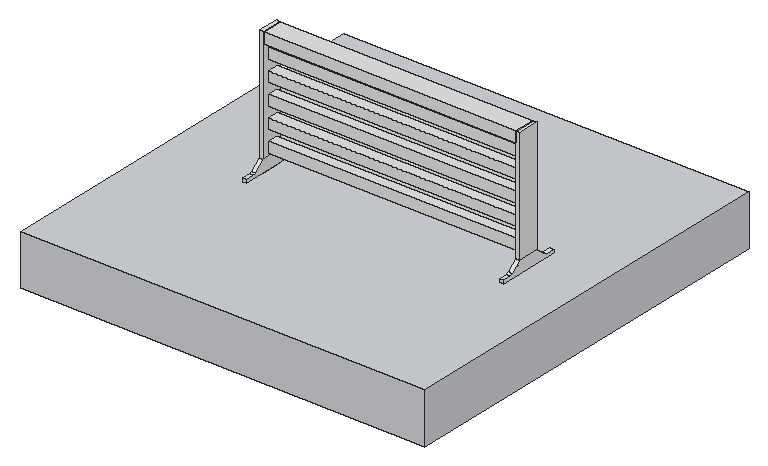
Revit family "Sunshade-Linear-Kawneer-Curtain_Wall-Square", category Specialty Equipment, host Face, Revit 2015
Parameters (values of type "30"-Circular")
  Width [instance] = 5' - 0"
  URL = "http://www.kawneer.com/kawneer/north_america/en/home.asp"
  Type Comments = ""
  Show Right Outrigger [instance] = yes
  Show Left Outrigger [instance] = yes
  Product data url = "https://bimobject.com/kawneerna/product/04305"
  Product Page URL = "http://www.kawneer.com/kawneer/north_america/en/product.asp?cat_id=1463&prod_id=4305"
  Product Documentation Link = "http://www.kawneer.com/kawneer/north_america/catalog/pdf/Sun_Control/Versoleil_OutriggerCW_Flyer.pdf"
  Model = "Sunshade Linear"  # constant formula
  Manufacturer = "Kawneer "  # constant formula
  Length = 2' - 6"
  Has Same Mullion Distance [instance] = yes
  Finish = Aluminum - Kawneer - Clear
  Description = "Rounded Outrigger, Bullnose Fascias"
  Default Elevation = 4' - 0"
  Copyright © = "©2012 Kawneer  "  # constant formula
  Mullion Distance [instance] = 4' - 0"
  CTRl Outrigger Count [instance] = if(Outrigger 21 Distance > 0' 0", 23, if(Outrigger 20 Distance > 0' 0", 22, if(Outrigger 19 Distance > 0' 0", 21, if(Outrigger 18 Distance > 0' 0", 20, if(Outrigger 17 Distance > 0' 0", 19, if(Outrigger 16 Distance > 0' 0", 18, if(Outrigger 15 Distance > 0' 0", 17, if(Outrigger 14 Distance > 0' 0", 16, if(Outrigger 13 Distance > 0' 0", 15, if(Outrigger 12 Distance > 0' 0", 14, if(Outrigger 11 Distance > 0' 0", 13, if(Outrigger 10 Distance > 0' 0", 12, if(Outrigger 09 Distance > 0' 0", 11, if(Outrigger 08 Distance > 0' 0", 10, if(Outrigger 07 Distance > 0' 0", 9, if(Outrigger 06 Distance > 0' 0", 8, if(Outrigger 05 Distance > 0' 0", 7, if(Outrigger 04 Distance > 0' 0", 6, if(Outrigger 03 Distance > 0' 0", 5, if(Outrigger 02 Distance > 0' 0", 4, if(Outrigger 01 Distance > 0' 0", 3, (Width / Mullion Distance) + 1)))))))))))))))))))))  # 3
  CTRL Outrigger 21 Distance [instance] = if(Outrigger Count < 23, 0' 0", if(Has Same Mullion Distance, Mullion Distance, if(Outrigger 21 Distance > 5' 0", 5' 0", Outrigger 21 Distance)))  # 0' - 0"
  CTRL Outrigger 20 Distance [instance] = if(Outrigger Count < 22, 0' 0", if(Has Same Mullion Distance, Mullion Distance, if(Outrigger 20 Distance > 5' 0", 5' 0", Outrigger 20 Distance)))  # 0' - 0"
  CTRL Outrigger 19 Distance [instance] = if(Outrigger Count < 21, 0' 0", if(Has Same Mullion Distance, Mullion Distance, if(Outrigger 19 Distance > 5' 0", 5' 0", Outrigger 19 Distance)))  # 0' - 0"
  CTRL Outrigger 18 Distance [instance] = if(Outrigger Count < 20, 0' 0", if(Has Same Mullion Distance, Mullion Distance, if(Outrigger 18 Distance > 5' 0", 5' 0", Outrigger 18 Distance)))  # 0' - 0"
  CTRL Outrigger 17 Distance [instance] = if(Outrigger Count < 19, 0' 0", if(Has Same Mullion Distance, Mullion Distance, if(Outrigger 17 Distance > 5' 0", 5' 0", Outrigger 17 Distance)))  # 0' - 0"
  CTRL Outrigger 16 Distance [instance] = if(Outrigger Count < 18, 0' 0", if(Has Same Mullion Distance, Mullion Distance, if(Outrigger 16 Distance > 5' 0", 5' 0", Outrigger 16 Distance)))  # 0' - 0"
  CTRL Outrigger 15 Distance [instance] = if(Outrigger Count < 17, 0' 0", if(Has Same Mullion Distance, Mullion Distance, if(Outrigger 15 Distance > 5' 0", 5' 0", Outrigger 15 Distance)))  # 0' - 0"
  CTRL Outrigger 14 Distance [instance] = if(Outrigger Count < 16, 0' 0", if(Has Same Mullion Distance, Mullion Distance, if(Outrigger 14 Distance > 5' 0", 5' 0", Outrigger 14 Distance)))  # 0' - 0"
  CTRL Outrigger 13 Distance [instance] = if(Outrigger Count < 15, 0' 0", if(Has Same Mullion Distance, Mullion Distance, if(Outrigger 13 Distance > 5' 0", 5' 0", Outrigger 13 Distance)))  # 0' - 0"
  CTRL Outrigger 12 Distance [instance] = if(Outrigger Count < 14, 0' 0", if(Has Same Mullion Distance, Mullion Distance, if(Outrigger 12 Distance > 5' 0", 5' 0", Outrigger 12 Distance)))  # 0' - 0"
  CTRL Outrigger 11 Distance [instance] = if(Outrigger Count < 13, 0' 0", if(Has Same Mullion Distance, Mullion Distance, if(Outrigger 11 Distance > 5' 0", 5' 0", Outrigger 11 Distance)))  # 0' - 0"
  CTRL Outrigger 10 Distance [instance] = if(Outrigger Count < 12, 0' 0", if(Has Same Mullion Distance, Mullion Distance, if(Outrigger 10 Distance > 5' 0", 5' 0", Outrigger 10 Distance)))  # 0' - 0"
  CTRL Outrigger 09 Distance [instance] = if(Outrigger Count < 11, 0' 0", if(Has Same Mullion Distance, Mullion Distance, if(Outrigger 09 Distance > 5' 0", 5' 0", Outrigger 09 Distance)))  # 0' - 0"
  CTRL Outrigger 08 Distance [instance] = if(Outrigger Count < 10, 0' 0", if(Has Same Mullion Distance, Mullion Distance, if(Outrigger 08 Distance > 5' 0", 5' 0", Outrigger 08 Distance)))  # 0' - 0"
  CTRL Outrigger 07 Distance [instance] = if(Outrigger Count < 9, 0' 0", if(Has Same Mullion Distance, Mullion Distance, if(Outrigger 07 Distance > 5' 0", 5' 0", Outrigger 07 Distance)))  # 0' - 0"
  CTRL Outrigger 06 Distance [instance] = if(Outrigger Count < 8, 0' 0", if(Has Same Mullion Distance, Mullion Distance, if(Outrigger 06 Distance > 5' 0", 5' 0", Outrigger 06 Distance)))  # 0' - 0"
  CTRL Outrigger 05 Distance [instance] = if(Outrigger Count < 7, 0' 0", if(Has Same Mullion Distance, Mullion Distance, if(Outrigger 05 Distance > 5' 0", 5' 0", Outrigger 05 Distance)))  # 0' - 0"
  CTRL Outrigger 04 Distance [instance] = if(Outrigger Count < 6, 0' 0", if(Has Same Mullion Distance, Mullion Distance, if(Outrigger 04 Distance > 5' 0", 5' 0", Outrigger 04 Distance)))  # 0' - 0"
  CTRL Outrigger 03 Distance [instance] = if(Outrigger Count < 5, 0' 0", if(Has Same Mullion Distance, Mullion Distance, if(Outrigger 03 Distance > 5' 0", 5' 0", Outrigger 03 Distance)))  # 0' - 0"
  CTRL Outrigger 02 Distance [instance] = if(Outrigger Count < 4, 0' 0", if(Has Same Mullion Distance, Mullion Distance, if(Outrigger 02 Distance > 5' 0", 5' 0", Outrigger 02 Distance)))  # 0' - 0"
  CTRL Outrigger 01 Distance [instance] = if(Outrigger Count < 3, 0' 0", if(Has Same Mullion Distance, Mullion Distance, if(Outrigger 01 Distance > 5' 0", 5' 0", Outrigger 01 Distance)))  # 0' - 0"
  Blades Distance = 0' - 5"
  CTRL Middle Blade Visibility [instance] = if(Outrigger Count = 2, 1 = 0, 1 = 1)  # no
  Outrigger Count [instance] = if(Has Same Mullion Distance, (Width / Mullion Distance) + 1, CTRl Outrigger Count)  # 2
  Outrigger 21 Distance [instance] = 0' - 0"
  Outrigger 20 Distance [instance] = 0' - 0"
  Outrigger 19 Distance [instance] = 0' - 0"
  Outrigger 18 Distance [instance] = 0' - 0"
  Outrigger 17 Distance [instance] = 0' - 0"
  Outrigger 16 Distance [instance] = 0' - 0"
  Outrigger 15 Distance [instance] = 0' - 0"
  Outrigger 14 Distance [instance] = 0' - 0"
  Outrigger 13 Distance [instance] = 0' - 0"
  Outrigger 12 Distance [instance] = 0' - 0"
  Outrigger 11 Distance [instance] = 0' - 0"
  Outrigger 10 Distance [instance] = 0' - 0"
  Outrigger 09 Distance [instance] = 0' - 0"
  Outrigger 08 Distance [instance] = 0' - 0"
  Outrigger 07 Distance [instance] = 0' - 0"
  Outrigger 06 Distance [instance] = 0' - 0"
  Outrigger 05 Distance [instance] = 0' - 0"
  Outrigger 04 Distance [instance] = 0' - 0"
  Outrigger 03 Distance [instance] = 0' - 0"
  Outrigger 02 Distance [instance] = 0' - 0"
  Outrigger 01 Distance [instance] = 1' - 6"
  Blade Width [instance] = if(1 = 1, Width, 1' 0")  # 5' - 0"
  Blade Type = Blade-Kawneer-Square : Versoleil
  Blade Count = 5
Reference planes (in)
  plane 1 "Center (Front/Back)": y = 0
  plane 2: z = -0.78125
  plane 3 "Center (Left/Right)": x = 3.30772
  plane 4 "Bracket Bottom": z = -0.78125
  plane 5 "Arm_Center-(T/B)": z = 1.29456
  plane 6 "Left": x = -26.69228
  plane 7 "Right": x = 33.30772
  plane 8 "Bracket_Center-(L/R)-Left": x = -27.16103
  plane 9 "Bracket_Center-(L/R)-Right": x = 33.77647
  plane 10 "Bracket Set 1": x = -27.16103
  plane 11 "Bracket Set 20": x = -27.16103
  plane 12 "Bracket Set 2": x = -27.16103
  plane 13 "Bracket Set 3": x = -27.16103
  plane 14 "Bracket Set 4": x = -27.16103
  plane 15 "Bracket Set 5": x = -27.16103
  plane 16 "Bracket Set 6": x = -27.16103
  plane 17 "Bracket Set 7": x = -27.16103
  plane 18 "Bracket Set 8": x = -27.16103
  plane 19 "Bracket Set 9": x = -27.16103
  plane 20 "Bracket Set 10": x = -27.16103
  plane 21 "Bracket Set 11": x = -27.16103
  plane 22 "Bracket Set 12": x = -27.16103
  plane 23 "Bracket Set 13": x = -27.16103
  plane 24 "Bracket Set 14": x = -27.16103
  plane 25 "Bracket Set 15": x = -27.16103
  plane 26 "Bracket Set 16": x = -27.16103
  plane 27 "Bracket Set 17": x = -27.16103
  plane 28 "Bracket Set 18": x = -27.16103
  plane 29 "Bracket Set 19": x = -27.16103
  plane 30 "Bracket Set 21": x = -27.16103
  plane 31 "Left of Right Outrigger": x = 33.30772
  plane 32 "Right of Right Outrigger": x = 34.24522
  plane 33 "Left of Left Outrigger": x = -27.62978
  plane 34 "Right of Left Outrigger": x = -26.69228
  plane 35 "Blade 1": z = 4.21875
  plane 36 "Blade 2": z = 9.21875
  plane 37 "Top": z = 29.21875
  plane 38 "Back of Fascia": z = 26.72172
Forms (in)
  Extrusion 1, solid
    sketch origin (0, 0, -0.78125) x (1, 0, 0) y (0, 1, 0)
      loop
        line (-48, 48) -> (-48, -48) -> (48, -48) -> (48, 48) -> (-48, 48)
    from 0 to -12
Dimensions and locks (in)
  locked: plane 5 "Arm_Center-(T/B)" to plane 4 "Bracket Bottom" at 2.07581
  locked: plane 4 "Bracket Bottom" to plane 2 at 0
  "CTRL Outrigger 01 Distance": plane 8 "Bracket_Center-(L/R)-Left" to plane 10 "Bracket Set 1"
  "CTRL Outrigger 02 Distance": plane 10 "Bracket Set 1" to plane 12 "Bracket Set 2"
  "CTRL Outrigger 03 Distance": plane 12 "Bracket Set 2" to plane 13 "Bracket Set 3"
  "CTRL Outrigger 04 Distance": plane 13 "Bracket Set 3" to plane 14 "Bracket Set 4"
  "CTRL Outrigger 05 Distance": plane 14 "Bracket Set 4" to plane 15 "Bracket Set 5"
  "CTRL Outrigger 06 Distance": plane 15 "Bracket Set 5" to plane 16 "Bracket Set 6"
  "CTRL Outrigger 07 Distance": plane 16 "Bracket Set 6" to plane 17 "Bracket Set 7"
  "CTRL Outrigger 08 Distance": plane 17 "Bracket Set 7" to plane 18 "Bracket Set 8"
  "CTRL Outrigger 09 Distance": plane 18 "Bracket Set 8" to plane 19 "Bracket Set 9"
  "CTRL Outrigger 10 Distance": plane 19 "Bracket Set 9" to plane 20 "Bracket Set 10"
  "CTRL Outrigger 11 Distance": plane 20 "Bracket Set 10" to plane 21 "Bracket Set 11"
  "CTRL Outrigger 12 Distance": plane 21 "Bracket Set 11" to plane 22 "Bracket Set 12"
  "CTRL Outrigger 13 Distance": plane 22 "Bracket Set 12" to plane 23 "Bracket Set 13"
  "CTRL Outrigger 14 Distance": plane 23 "Bracket Set 13" to plane 24 "Bracket Set 14"
  "CTRL Outrigger 15 Distance": plane 24 "Bracket Set 14" to plane 25 "Bracket Set 15"
  "CTRL Outrigger 16 Distance": plane 25 "Bracket Set 15" to plane 26 "Bracket Set 16"
  "CTRL Outrigger 17 Distance": plane 26 "Bracket Set 16" to plane 27 "Bracket Set 17"
  "CTRL Outrigger 18 Distance": plane 27 "Bracket Set 17" to plane 28 "Bracket Set 18"
  "CTRL Outrigger 19 Distance": plane 28 "Bracket Set 18" to plane 29 "Bracket Set 19"
  "CTRL Outrigger 20 Distance": plane 29 "Bracket Set 19" to plane 11 "Bracket Set 20"
  "CTRL Outrigger 21 Distance": plane 11 "Bracket Set 20" to plane 30 "Bracket Set 21"
  locked: plane 32 "Right of Right Outrigger" to plane 31 "Left of Right Outrigger" at 0.9375
  locked: plane 33 "Left of Left Outrigger" to plane 34 "Right of Left Outrigger" at 0.9375
  equal spacing: plane 6 "Left", plane 3 "Center (Left/Right)", plane 7 "Right"
  "Width": plane 6 "Left" to plane 7 "Right"
  locked: plane 7 "Right" to plane 9 "Bracket_Center-(L/R)-Right" at 0.46875
  locked: plane 8 "Bracket_Center-(L/R)-Left" to plane 6 "Left" at 0.46875
  "Blades Distance": plane 35 "Blade 1" to plane 4 "Bracket Bottom"
  "Blades Distance": plane 36 "Blade 2" to plane 35 "Blade 1"
  equal spacing: group 1, group 2, group 3, group 4, group 5  (x3)
  "Length": plane 37 "Top" to plane 4 "Bracket Bottom"
  locked: plane 37 "Top" to plane 38 "Back of Fascia" at 2.49703
  aligned and locked: plane 2 to Extrusion 1
  aligned and locked: level to Extrusion 1
  aligned and locked: plane 4 "Bracket Bottom" to nested 1
  aligned and locked: plane 1 "Center (Front/Back)" to nested 1
  aligned and locked: nested 1 to plane 8 "Bracket_Center-(L/R)-Left"
  aligned and locked: plane 9 "Bracket_Center-(L/R)-Right" to nested 2
  aligned and locked: plane 1 "Center (Front/Back)" to nested 2
  aligned and locked: plane 4 "Bracket Bottom" to nested 2
  aligned and locked: nested 3 to plane 10 "Bracket Set 1"
  aligned and locked: nested 4 to plane 12 "Bracket Set 2"
  aligned and locked: nested 5 to plane 13 "Bracket Set 3"
  aligned and locked: nested 6 to plane 14 "Bracket Set 4"
  aligned and locked: nested 7 to plane 15 "Bracket Set 5"
  aligned and locked: nested 8 to plane 16 "Bracket Set 6"
  aligned and locked: nested 9 to plane 17 "Bracket Set 7"
  aligned and locked: nested 10 to plane 18 "Bracket Set 8"
  aligned and locked: nested 11 to plane 19 "Bracket Set 9"
  aligned and locked: nested 12 to plane 20 "Bracket Set 10"
  aligned and locked: nested 13 to plane 21 "Bracket Set 11"
  aligned and locked: nested 14 to plane 22 "Bracket Set 12"
  aligned and locked: nested 15 to plane 23 "Bracket Set 13"
  aligned and locked: nested 16 to plane 24 "Bracket Set 14"
  aligned and locked: nested 17 to plane 25 "Bracket Set 15"
  aligned and locked: nested 18 to plane 26 "Bracket Set 16"
  aligned and locked: nested 19 to plane 27 "Bracket Set 17"
  aligned and locked: nested 20 to plane 28 "Bracket Set 18"
  aligned and locked: nested 21 to plane 29 "Bracket Set 19"
  aligned and locked: nested 22 to plane 11 "Bracket Set 20"
  aligned and locked: plane 4 "Bracket Bottom" to nested 3
  aligned and locked: plane 4 "Bracket Bottom" to nested 4
  aligned and locked: plane 4 "Bracket Bottom" to nested 5
  aligned and locked: plane 4 "Bracket Bottom" to nested 6
  aligned and locked: plane 4 "Bracket Bottom" to nested 7
  aligned and locked: plane 4 "Bracket Bottom" to nested 8
  aligned and locked: plane 4 "Bracket Bottom" to nested 9
  aligned and locked: plane 4 "Bracket Bottom" to nested 10
  aligned and locked: plane 4 "Bracket Bottom" to nested 11
  aligned and locked: plane 4 "Bracket Bottom" to nested 12
  aligned and locked: plane 4 "Bracket Bottom" to nested 13
  aligned and locked: plane 4 "Bracket Bottom" to nested 14
  aligned and locked: plane 4 "Bracket Bottom" to nested 15
  aligned and locked: plane 4 "Bracket Bottom" to nested 16
  aligned and locked: plane 4 "Bracket Bottom" to nested 17
  aligned and locked: plane 4 "Bracket Bottom" to nested 18
  aligned and locked: plane 4 "Bracket Bottom" to nested 19
  aligned and locked: plane 4 "Bracket Bottom" to nested 20
  aligned and locked: plane 4 "Bracket Bottom" to nested 21
  aligned and locked: plane 4 "Bracket Bottom" to nested 22
  aligned and locked: nested 23 to plane 30 "Bracket Set 21"
  aligned and locked: plane 1 "Center (Front/Back)" to nested 23
  aligned and locked: plane 1 "Center (Front/Back)" to nested 22
  aligned and locked: plane 1 "Center (Front/Back)" to nested 21
  aligned and locked: plane 1 "Center (Front/Back)" to nested 20
  aligned and locked: plane 1 "Center (Front/Back)" to nested 19
  aligned and locked: plane 1 "Center (Front/Back)" to nested 18
  aligned and locked: plane 1 "Center (Front/Back)" to nested 17
  aligned and locked: plane 1 "Center (Front/Back)" to nested 16
  aligned and locked: plane 1 "Center (Front/Back)" to nested 15
  aligned and locked: plane 1 "Center (Front/Back)" to nested 14
  aligned and locked: plane 7 "Right" to plane 31 "Left of Right Outrigger"
  aligned and locked: plane 34 "Right of Left Outrigger" to nested 1
  aligned and locked: plane 6 "Left" to plane 34 "Right of Left Outrigger"
  aligned and locked: plane 35 "Blade 1" to nested 24
  aligned and locked: plane 1 "Center (Front/Back)" to nested 24
  aligned and locked: plane 1 "Center (Front/Back)" to nested 13
  aligned and locked: plane 6 "Left" to nested 25
  aligned and locked: plane 1 "Center (Front/Back)" to nested 25
  aligned and locked: plane 36 "Blade 2" to nested 26
  aligned and locked: plane 37 "Top" to nested 2
  aligned and locked: plane 38 "Back of Fascia" to nested 25
  aligned and locked: plane 6 "Left" to nested 26
  aligned and locked: plane 34 "Right of Left Outrigger" to nested 24
  aligned and locked: nested 25 to plane 31 "Left of Right Outrigger"
Automatic sketch dimensions
  Extrusion 1 sketch curve to Extrusion 1 sketch curve = 8' - 0"  (x2)
Nested families (in)
  nested 1: "Outrigger-Kawneer-Square" at (-27.16103, 0, -0.78125), visible <- "Show Left Outrigger", type "5""
  nested 2: "Outrigger-Kawneer-Square" at (33.77647, 0, -0.78125), visible <- "Show Right Outrigger", type "5""
  nested 3: "Outrigger-Kawneer-Square" at (-27.16103, 0, -0.78125), visible <- "CTRL Middle Blade Visibility", type "5""
  nested 4: "Outrigger-Kawneer-Square" at (-27.16103, 0, -0.78125), visible <- "CTRL Middle Blade Visibility", type "5""
  nested 5: "Outrigger-Kawneer-Square" at (-27.16103, 0, -0.78125), visible <- "CTRL Middle Blade Visibility", type "5""
  nested 6: "Outrigger-Kawneer-Square" at (-27.16103, 0, -0.78125), visible <- "CTRL Middle Blade Visibility", type "5""
  nested 7: "Outrigger-Kawneer-Square" at (-27.16103, 0, -0.78125), visible <- "CTRL Middle Blade Visibility", type "5""
  nested 8: "Outrigger-Kawneer-Square" at (-27.16103, 0, -0.78125), visible <- "CTRL Middle Blade Visibility", type "5""
  nested 9: "Outrigger-Kawneer-Square" at (-27.16103, 0, -0.78125), visible <- "CTRL Middle Blade Visibility", type "5""
  nested 10: "Outrigger-Kawneer-Square" at (-27.16103, 0, -0.78125), visible <- "CTRL Middle Blade Visibility", type "5""
  nested 11: "Outrigger-Kawneer-Square" at (-27.16103, 0, -0.78125), visible <- "CTRL Middle Blade Visibility", type "5""
  nested 12: "Outrigger-Kawneer-Square" at (-27.16103, 0, -0.78125), visible <- "CTRL Middle Blade Visibility", type "5""
  nested 13: "Outrigger-Kawneer-Square" at (-27.16103, 0, -0.78125), visible <- "CTRL Middle Blade Visibility", type "5""
  nested 14: "Outrigger-Kawneer-Square" at (-27.16103, 0, -0.78125), visible <- "CTRL Middle Blade Visibility", type "5""
  nested 15: "Outrigger-Kawneer-Square" at (-27.16103, 0, -0.78125), visible <- "CTRL Middle Blade Visibility", type "5""
  nested 16: "Outrigger-Kawneer-Square" at (-27.16103, 0, -0.78125), visible <- "CTRL Middle Blade Visibility", type "5""
  nested 17: "Outrigger-Kawneer-Square" at (-27.16103, 0, -0.78125), visible <- "CTRL Middle Blade Visibility", type "5""
  nested 18: "Outrigger-Kawneer-Square" at (-27.16103, 0, -0.78125), visible <- "CTRL Middle Blade Visibility", type "5""
  nested 19: "Outrigger-Kawneer-Square" at (-27.16103, 0, -0.78125), visible <- "CTRL Middle Blade Visibility", type "5""
  nested 20: "Outrigger-Kawneer-Square" at (-27.16103, 0, -0.78125), visible <- "CTRL Middle Blade Visibility", type "5""
  nested 21: "Outrigger-Kawneer-Square" at (-27.16103, 0, -0.78125), visible <- "CTRL Middle Blade Visibility", type "5""
  nested 22: "Outrigger-Kawneer-Square" at (-27.16103, 0, -0.78125), visible <- "CTRL Middle Blade Visibility", type "5""
  nested 23: "Outrigger-Kawneer-Square" at (-27.16103, 0, -0.78125), visible <- "CTRL Middle Blade Visibility", type "5""
  nested 24: "Blade-Kawneer-Square" at (3.30772, 0, 2.96875), type <- "Blade Type", CTRL Width <- "Width", Blade Materials <- "Finish", type "Versoleil"
    with CTRL Width 5' - 0", Blade Materials Aluminum - Kawneer - Clear
  nested 25: "Fascia-Kawneer-Rectangular" at (3.30772, 0, 26.72172), Fascias Materials <- "Finish", CTRL Width <- "Width", type "Versoleil"
    with Fascias Materials Aluminum - Kawneer - Clear, CTRL Width 5' - 0"
  nested 26: "Blade-Kawneer-Square" at (3.30772, 0, 7.96875), type <- "Blade Type", CTRL Width <- "Width", Blade Materials <- "Finish", type "Versoleil"
    with CTRL Width 5' - 0", Blade Materials Aluminum - Kawneer - Clear
  nested 27: "Blade-Kawneer-Square" at (3.30772, 0, 12.96875), type <- "Blade Type", CTRL Width <- "Width", Blade Materials <- "Finish", type "Versoleil"
    with CTRL Width 5' - 0", Blade Materials Aluminum - Kawneer - Clear
  nested 28: "Blade-Kawneer-Square" at (3.30772, 0, 17.96875), type <- "Blade Type", CTRL Width <- "Width", Blade Materials <- "Finish", type "Versoleil"
    with CTRL Width 5' - 0", Blade Materials Aluminum - Kawneer - Clear
  nested 29: "Blade-Kawneer-Square" at (3.30772, 0, 22.96875), type <- "Blade Type", CTRL Width <- "Width", Blade Materials <- "Finish", type "Versoleil"
    with CTRL Width 5' - 0", Blade Materials Aluminum - Kawneer - Clear
Definition of nested family "Outrigger-Kawneer-Square"
  Parameters
    Length = 2' - 6"
    CTRL Width = 0' - 0 15/16"
    Outrigger Materials = none
  Reference planes (in)
    plane 1 "Center (Front/Back)": y = 0
    plane 2 "Original Bottom": z = 0
    plane 3 "Center (Left/Right)": x = 0
    plane 4 "Left": x = -0.46875
    plane 5 "Right": x = 0.46875
    plane 6 "Front": y = -2.5
    plane 7 "Back": y = 2.5
    plane 8 "Top": z = 30
    plane 9 "Bottom": z = 0
    plane 10 "Top of Braket": z = 2.9
    plane 11 "Right of Braket": y = 7.53105
    plane 12 "Left of Bracket": y = -7.53105
    plane 13 "Right of Left Bracket": x = -0.21875
    plane 14 "Left of Right Bracket": x = 0.21875
  Forms (in)
    Sweep 1, solid, material <- "Outrigger Materials"
      path origin (10, 0, -2.20794) x (1, 0, 0) y (0, 0, 1)
        loop
          line (-9.53125, 8.91333) -> (-10.46875, 8.91333)
      profile origin (0, 0, 6.70539) x (0, 0, -1) y (0, -1, 0)
        loop
          line (-23.29461, 2.5) -> (-23.29461, -2.5) -> (6.70539, -2.5) -> (6.70539, 2.5) -> (-23.29461, 2.5)
    Sweep 2, solid, material <- "Outrigger Materials", detail levels fine
      path origin (0, 0, -1.03601) x (1, 0, 0) y (0, 0, 1)
        loop
          line (0.46875, 30.5) -> (-0.46875, 30.5)
      profile origin (0, 0, 29.46399) x (0, 0, -1) y (0, -1, 0)
        loop
          line (26.56399, 2.43915) -> (26.56399, -2.50126) -> (28.48003, -4.78471)
          arc (28.48003, -4.78471) -> (28.65368, -5.08548) -> (28.71399, -5.4275) r 1
          line (28.71399, -5.4275) -> (28.71399, -7.53105) -> (29.46399, -7.53105) -> (29.46399, 7.46895) -> (28.71399, 7.46895) -> (28.71399, 5.3654)
          arc (28.71399, 5.3654) -> (28.65368, 5.02338) -> (28.48003, 4.72261) r 1
          line (28.48003, 4.72261) -> (26.56399, 2.43915)
  Lines and regions (in)
    Masking region 1
      outline origin (0, 0, 0) x (0, 1, 0) y (0, 0, 1)
        loop
          line (-2.5, 30) -> (-2.5, 0) -> (2.5, 0) -> (2.5, 30) -> (-2.5, 30)
    Masking region 2
      outline origin (0, 0, 0) x (1, 0, 0) y (0, 0, 1)
        loop
          line (0.46875, 30) -> (-0.46875, 30) -> (-0.46875, 0) -> (0.46875, 0) -> (0.46875, 30)
    Masking region 3
      outline origin (0, 0, 0) x (1, 0, 0) y (0, 0, 1)
        loop
          line (0.46875, 30) -> (-0.46875, 30) -> (-0.46875, 0) -> (0.46875, 0) -> (0.46875, 30)
    symbolic lines, detail levels medium+fine
      curve 1: line (0.46875, -2.43915, 2.9) -> (0.46875, -4.72261, 0.98396)
      curve 2: arc (0.46875, -4.72261, 0.98396) -> (0.46875, -5.02338, 0.81031) -> (0.46875, -5.3654, 0.75) r 1
      curve 3: line (0.46875, -5.3654, 0.75) -> (0.46875, -7.46895, 0.75)
      curve 4: line (0.46875, -7.46895, 0.75) -> (0.46875, -7.46895, 0)
      curve 6: line (0.46875, 7.53105, 0) -> (0.46875, 7.53105, 0.75)
      curve 7: line (0.46875, 7.53105, 0.75) -> (0.46875, 5.4275, 0.75)
      curve 8: arc (0.46875, 5.4275, 0.75) -> (0.46875, 5.08548, 0.81031) -> (0.46875, 4.78471, 0.98396) r 1
      curve 9: line (0.46875, 4.78471, 0.98396) -> (0.46875, 2.50126, 2.9)
    symbolic lines
      curve 5: line (0.46875, -7.46895, 0) -> (0.46875, 7.53105, 0)
      curve 11: line (0.46875, 2.5, 0) -> (0.46875, 2.5, 30)
      curve 12: line (0.46875, 2.5, 30) -> (0.46875, -2.5, 30)
      curve 13: line (0.46875, -2.5, 30) -> (0.46875, -2.5, 0)
      curve 14: line (0.46875, -2.5, 0) -> (0.46875, 2.5, 0)
      curve 15: line (0.46875, -2.5, 30) -> (0.46875, -2.5, 0)
      curve 16: line (0.46875, -2.5, 0) -> (0.46875, 2.5, 0)
      curve 17: line (0.46875, 2.5, 0) -> (0.46875, 2.5, 30)
      curve 18: line (0.46875, 2.5, 30) -> (0.46875, -2.5, 30)
      curve 19: line (0.46875, -2.5, 30) -> (0.46875, -2.5, 0)
      curve 20: line (0.46875, -2.5, 0) -> (0.46875, 2.5, 0)
      curve 21: line (0.46875, 2.5, 0) -> (0.46875, 2.5, 30)
      curve 22: line (0.46875, 2.5, 30) -> (0.46875, -2.5, 30)
      curve 31: line (0.46875, 0, 30) -> (-0.46875, 0, 30)
      curve 32: line (0.46875, 0, 0) -> (0.46875, 0, 30)
      curve 33: line (-0.46875, 0, 0) -> (0.46875, 0, 0)
      curve 34: line (-0.46875, 0, 30) -> (-0.46875, 0, 0)
    symbolic lines, detail levels fine
      curve 10: line (0.46875, 2.50126, 2.9) -> (0.46875, -2.43915, 2.9)
      curve 35: line (-0.21875, 0, 30) -> (-0.21875, 0, 0)
      curve 36: line (0.21875, 0, 30) -> (0.21875, 0, 0)
      curve 38: line (0.46875, 2.5, 2.9) -> (-0.46875, 2.5, 2.9)
      curve 39: line (0.46875, 2.5, 0) -> (0.46875, 2.5, 2.9)
      curve 40: line (-0.46875, 2.5, 0) -> (0.46875, 2.5, 0)
      curve 41: line (-0.46875, 2.5, 2.9) -> (-0.46875, 2.5, 0)
    model lines, detail levels medium
      curve 23: line (0.46875, 7.53105, 0) -> (-0.46875, 7.53105, 0)
      curve 24: line (0.46875, -7.53105, 0) -> (0.46875, 7.53105, 0)
      curve 25: line (-0.46875, -7.53105, 0) -> (0.46875, -7.53105, 0)
      curve 26: line (-0.46875, 7.53105, 0) -> (-0.46875, -7.53105, 0)
    model lines, detail levels coarse
      curve 27: line (0, 2.5, 30) -> (0, -2.5, 30)
      curve 28: line (0, 2.5, 0) -> (0, 2.5, 30)
      curve 29: line (0, -2.5, 0) -> (0, 2.5, 0)
      curve 30: line (0, -2.5, 30) -> (0, -2.5, 0)
    symbolic lines, detail levels medium
      curve 37: line (0, 0, 30) -> (0, 0, 0)
  Dimensions and locks (in)
    "CTRL Width": plane 4 "Left" to plane 5 "Right"
    equal spacing: plane 4 "Left", plane 3 "Center (Left/Right)", plane 5 "Right"
    equal spacing: plane 6 "Front", plane 1 "Center (Front/Back)", plane 7 "Back"
    "Length": plane 8 "Top" to plane 9 "Bottom"
    locked: plane 10 "Top of Braket" to plane 9 "Bottom" at 2.9
    locked: plane 12 "Left of Bracket" to plane 11 "Right of Braket" at 15.0621
    locked: plane 4 "Left" to plane 13 "Right of Left Bracket" at 0.25
    locked: plane 14 "Left of Right Bracket" to plane 5 "Right" at 0.25
    locked: plane 12 "Left of Bracket" to plane 6 "Front" at 5.03105
    locked: plane 7 "Back" to plane 11 "Right of Braket" at 5.03105
    aligned and locked: plane 4 "Left" to Sweep 1 sketch curve
    aligned and locked: plane 5 "Right" to Sweep 1 sketch curve
    aligned: Sweep 1 to plane 2 "Original Bottom"  (x2)
    aligned: plane 8 "Top" to Sweep 1  (x2)
    aligned: plane 6 "Front" to Sweep 1  (x2)
    aligned: plane 7 "Back" to Sweep 1  (x2)
    aligned: plane 9 "Bottom" to plane 2 "Original Bottom"
    aligned: Sweep 1 to plane 9 "Bottom"  (x4)
    aligned: Sweep 1 to plane 7 "Back"  (x3)
    aligned: Sweep 1 to plane 6 "Front"  (x4)
    aligned and locked: plane 9 "Bottom" to plane 2 "Original Bottom"
    aligned and locked: plane 5 "Right" to Sweep 2 sketch curve
    aligned and locked: plane 4 "Left" to Sweep 2 sketch curve
    aligned and locked: Sweep 2 to plane 9 "Bottom"  (x4)
    aligned and locked: plane 11 "Right of Braket" to Sweep 2
    aligned and locked: plane 10 "Top of Braket" to Sweep 2  (x2)
    aligned and locked: Sweep 1 to plane 9 "Bottom"  (x2)
    aligned and locked: Sweep 1 to plane 6 "Front"  (x2)
    aligned and locked: Sweep 1 to plane 7 "Back"
    aligned and locked: plane 8 "Top" to Sweep 1
    aligned and locked: Masking region 1 sketch curve to Sweep 1  (x4)
    aligned and locked: curve 11 to Masking region 1
    aligned and locked: curve 12 to Masking region 1
    aligned and locked: curve 13 to Masking region 1
    aligned and locked: curve 14 to Masking region 1
    aligned and locked: curve 23 to plane 11 "Right of Braket"
    aligned and locked: curve 25 to plane 12 "Left of Bracket"
    aligned and locked: plane 5 "Right" to curve 24
    aligned and locked: plane 4 "Left" to curve 26
    aligned and locked: plane 8 "Top" to curve 27
    aligned and locked: curve 29 to plane 9 "Bottom"
    aligned and locked: curve 28 to plane 7 "Back"
    aligned and locked: curve 30 to plane 6 "Front"
    aligned and locked: plane 8 "Top" to Masking region 2 sketch curve
    aligned and locked: Masking region 2 sketch curve to plane 9 "Bottom"
    aligned and locked: plane 5 "Right" to Masking region 2 sketch curve
    aligned and locked: plane 4 "Left" to Masking region 2 sketch curve
    aligned and locked: plane 4 "Left" to curve 34
    aligned and locked: curve 33 to plane 9 "Bottom"
    aligned and locked: plane 8 "Top" to curve 31
    aligned and locked: plane 5 "Right" to curve 32
    aligned and locked: plane 8 "Top" to Masking region 3 sketch curve
    aligned and locked: Masking region 3 sketch curve to plane 9 "Bottom"
    aligned and locked: plane 5 "Right" to Masking region 3 sketch curve
    aligned and locked: plane 4 "Left" to Masking region 3 sketch curve
    aligned and locked: plane 13 "Right of Left Bracket" to curve 35
    aligned and locked: curve 36 to plane 14 "Left of Right Bracket"
    aligned and locked: curve 37 to plane 3 "Center (Left/Right)"
    aligned and locked: plane 10 "Top of Braket" to curve 38
    aligned and locked: curve 40 to plane 9 "Bottom"
    aligned and locked: plane 5 "Right" to curve 39
    aligned and locked: plane 4 "Left" to curve 41
  Automatic sketch dimensions
    level to Sweep 1 sketch curve = 0' - 6.70539"
    Sweep 2 sketch curve to plane 8 "Top" = 0' - 0.53601"
    plane 1 "Center (Front/Back)" to Sweep 2 sketch curve = 0' - 2.43915"
    Sweep 2 sketch curve to profile plane = 2' - 2.56399"
    Sweep 2 sketch curve to Sweep 2 sketch curve = 0' - 1.15"
    Sweep 2 sketch curve to Sweep 2 sketch curve = 0' - 0.76604"  (x2)
    Sweep 2 sketch curve to Sweep 2 sketch curve = 0' - 0.23396"  (x2)
    Sweep 2 sketch curve to Sweep 2 sketch curve = 0' - 2.28345"
    Sweep 2 sketch curve to Sweep 2 sketch curve = 0' - 2.10355"  (x2)
    Sweep 2 sketch curve to Sweep 2 sketch curve = 0' - 0 3/4"  (x2)
    Sweep 2 sketch curve to plane 1 "Center (Front/Back)" = 0' - 2.50126"
    Sweep 2 sketch curve to plane 1 "Center (Front/Back)" = 0' - 4.78471"
    profile plane to Sweep 1 sketch curve = 1' - 11.29461"
    Sweep 1 sketch curve to profile plane = 0' - 6.70539"
    Sweep 1 sketch curve to plane 1 "Center (Front/Back)" = 0' - 2 1/2"
    Sweep 1 sketch curve to Sweep 1 sketch curve = 0' - 5"
    curve 6 to level = 0' - 0"
    curve 6 to plane 11 "Right of Braket" = 0' - 0"
    curve 10 to plane 10 "Top of Braket" = 0' - 0"
    curve 7 to level = 0' - 0 3/4"
    curve 7 to plane 11 "Right of Braket" = 0' - 2.10355"
    curve 9 to level = 0' - 0.98396"
    curve 8 to curve 9 = 0' - 0.64279"
    plane 7 "Back" to curve 10 = 0' - 0.00126"
    curve 2 to curve 2 = 0' - 0.64279"
    curve 4 to plane 12 "Left of Bracket" = 0' - 0.0621"
    curve 2 to curve 2 = 0' - 0.23396"
    curve 1 to plane 6 "Front" = 0' - 0.06085"
    curve 1 to level = 0' - 0.98396"
    plane 6 "Front" to curve 1 = 0' - 2.22261"
Definition of nested family "Blade-Kawneer-Square"
  Parameters
    CTRL Width [instance] = 12' - 0"
    Blade Materials [instance] = none
  Reference planes (in)
    plane 1 "Center (Front/Back)": y = 0
    plane 2 "Original Bottom": z = 0
    plane 3 "Center (Left/Right)": x = 0
    plane 4 "Left": x = -72
    plane 5 "Right": x = 72
    plane 6 "Front": y = -1.25
    plane 7 "Back": y = 1.25
    plane 8 "Top": z = 2.5
    plane 9 "Bottom": z = 1.25
  Forms (in)
    Sweep 1, solid, material <- "Blade Materials", detail levels medium+fine
      path origin (10, 0, -1.63267) x (1, 0, 0) y (0, 0, 1)
        loop
          line (62, 8.91333) -> (-82, 8.91333)
      profile origin (0, 0, 7.28066) x (0, 0, -1) y (0, -1, 0)
        loop
          line (4.78066, -1.25) -> (6.03066, -1.25) -> (7.28066, -1.25) -> (7.28066, 1.25) -> (6.03066, 1.25) -> (4.78066, 1.25) -> (4.78066, -1.25)
  Lines and regions (in)
    Masking region 1
      outline origin (0, 0, 0) x (0, 1, 0) y (0, 0, 1)
        loop
          line (1.25, 2.5) -> (-1.25, 2.5) -> (-1.25, 0) -> (1.25, 0) -> (1.25, 2.5)
    Masking region 2
      outline origin (0, 0, 0) x (1, 0, 0) y (0, 1, 0)
        loop
          line (72, 1.25) -> (-72, 1.25) -> (-72, -1.25) -> (72, -1.25) -> (72, 1.25)
    Masking region 3
      outline origin (0, 0, 0) x (1, 0, 0) y (0, 0, 1)
        loop
          line (72, 2.5) -> (-72, 2.5) -> (-72, 0) -> (72, 0) -> (72, 2.5)
    symbolic lines
      curve 1: line (0, 1.25, 2.5) -> (0, -1.25, 2.5)
      curve 2: line (0, -1.25, 2.5) -> (0, -1.25, 0)
      curve 3: line (0, -1.25, 0) -> (0, 1.25, 0)
      curve 4: line (0, 1.25, 0) -> (0, 1.25, 2.5)
      curve 5: line (-72, 1.25, 2.5) -> (-72, -1.25, 2.5)
      curve 6: line (-72, -1.25, 2.5) -> (-72, -1.25, 0)
      curve 7: line (-72, -1.25, 0) -> (-72, 1.25, 0)
      curve 8: line (-72, 1.25, 0) -> (-72, 1.25, 2.5)
      curve 11: line (72, 1.25, 2.5) -> (-72, 1.25, 2.5)
      curve 12: line (72, -1.25, 2.5) -> (72, 1.25, 2.5)
      curve 13: line (-72, -1.25, 2.5) -> (72, -1.25, 2.5)
      curve 14: line (-72, 1.25, 2.5) -> (-72, -1.25, 2.5)
      curve 15: line (72, -1.25, 2.5) -> (-72, -1.25, 2.5)
      curve 16: line (72, -1.25, 1.25) -> (72, -1.25, 2.5)
      curve 17: line (-72, -1.25, 1.25) -> (72, -1.25, 1.25)
      curve 18: line (-72, -1.25, 2.5) -> (-72, -1.25, 1.25)
    model lines, detail levels coarse
      curve 9: line (-72, 0, 1.25) -> (72, 0, 1.25)
    symbolic lines, detail levels coarse
      curve 10: line (-72, 0, 1.25) -> (72, 0, 1.25)
  Dimensions and locks (in)
    "CTRL Width": plane 4 "Left" to plane 5 "Right"
    equal spacing: plane 4 "Left", plane 3 "Center (Left/Right)", plane 5 "Right"
    equal spacing: plane 6 "Front", plane 1 "Center (Front/Back)", plane 7 "Back"
    equal spacing: plane 8 "Top", plane 9 "Bottom", plane 2 "Original Bottom"
    aligned and locked: plane 4 "Left" to Sweep 1 sketch curve
    aligned and locked: plane 5 "Right" to Sweep 1 sketch curve
    aligned and locked: Sweep 1 to plane 2 "Original Bottom"
    aligned and locked: plane 8 "Top" to Sweep 1
    aligned and locked: plane 6 "Front" to Sweep 1
    aligned and locked: plane 7 "Back" to Sweep 1
    aligned and locked: Masking region 1 sketch curve to Sweep 1  (x4)
    aligned and locked: curve 1 to Masking region 1
    aligned and locked: curve 2 to Masking region 1
    aligned and locked: curve 3 to Masking region 1
    aligned and locked: curve 4 to Masking region 1
    aligned and locked: curve 5 to curve 1
    aligned and locked: curve 6 to curve 2
    aligned and locked: curve 7 to curve 3
    aligned and locked: curve 8 to curve 4
    aligned and locked: plane 1 "Center (Front/Back)" to curve 9
    aligned and locked: plane 1 "Center (Front/Back)" to curve 10
    aligned and locked: plane 5 "Right" to Masking region 2 sketch curve
    aligned and locked: plane 4 "Left" to Masking region 2 sketch curve
    aligned and locked: Masking region 2 sketch curve to plane 7 "Back"
    aligned and locked: Masking region 2 sketch curve to plane 6 "Front"
    aligned and locked: plane 5 "Right" to curve 12
    aligned and locked: plane 4 "Left" to curve 14
    aligned and locked: curve 11 to plane 7 "Back"
    aligned and locked: plane 5 "Right" to Masking region 3 sketch curve
    aligned and locked: plane 4 "Left" to Masking region 3 sketch curve
    aligned and locked: Masking region 3 sketch curve to plane 8 "Top"
    aligned and locked: Masking region 3 sketch curve to plane 2 "Original Bottom"
    aligned and locked: plane 5 "Right" to curve 16
    aligned and locked: plane 4 "Left" to curve 18
    aligned and locked: curve 15 to plane 8 "Top"
    aligned and locked: curve 17 to curve 9
  Automatic sketch dimensions
    level to Sweep 1 sketch curve = 0' - 7.28066"
    Sweep 1 sketch curve to plane 1 "Center (Front/Back)" = 0' - 1 1/4"
    Sweep 1 sketch curve to profile plane = 0' - 4.78066"
    Sweep 1 sketch curve to Sweep 1 sketch curve = 0' - 1 1/4"  (x3)
    plane 1 "Center (Front/Back)" to Sweep 1 sketch curve = 0' - 1 1/4"
    curve 10 to plane 4 "Left" = 0' - 0"
    curve 10 to plane 5 "Right" = 0' - 0"
    curve 9 to plane 5 "Right" = 0' - 0"
    curve 9 to plane 4 "Left" = 0' - 0"
    curve 13 to plane 6 "Front" = 0' - 0"
Definition of nested family "Fascia-Kawneer-Rectangular"
  Parameters
    CTRL Width [instance] = 12' - 0"
    Fascias Materials [instance] = none
  Reference planes (in)
    plane 1 "Center (Front/Back)": y = 0
    plane 2 "Original Bottom": z = 0
    plane 3 "Center (Left/Right)": x = 0
    plane 4 "Left": x = -72
    plane 5 "Right": x = 72
    plane 6 "Front": y = -2.5
    plane 7 "Back": y = 2.5
    plane 8 "Top": z = 2.50181
    plane 9 "Bottom": z = 0
  Forms (in)
    Sweep 1, solid, material <- "Fascias Materials", detail levels medium+fine
      path origin (10, 0, -1.71798) x (1, 0, 0) y (0, 0, 1)
        loop
          line (62, 8.91333) -> (-82, 8.91333)
      profile origin (0, 0, 7.19535) x (0, 0, -1) y (0, -1, 0)
        loop
          line (4.69354, 2.5) -> (4.69354, -2.5) -> (7.19535, -2.5) -> (7.19535, 2.5) -> (4.69354, 2.5)
  Lines and regions (in)
    Masking region 1
      outline origin (0, 0, 0) x (0, 1, 0) y (0, 0, 1)
        loop
          line (2.5, 2.50181) -> (-2.5, 2.50181) -> (-2.5, 0) -> (2.5, 0) -> (2.5, 2.50181)
    Masking region 2
      outline origin (0, 0, 2.50181) x (-1, 0, 0) y (0, -1, 0)
        loop
          line (-72, -2.5) -> (72, -2.5) -> (72, 2.5) -> (-72, 2.5) -> (-72, -2.5)
    Masking region 3
      outline origin (0, -2.5, 0) x (-1, 0, 0) y (0, 0, 1)
        loop
          line (-72, 2.50181) -> (-72, 0) -> (72, 0) -> (72, 2.50181) -> (-72, 2.50181)
    symbolic lines
      curve 1: line (72, 2.5, 2.50181) -> (72, -2.5, 2.50181)
      curve 2: line (72, -2.5, 2.50181) -> (72, -2.5, 0)
      curve 3: line (72, -2.5, 0) -> (72, 2.5, 0)
      curve 4: line (72, 2.5, 0) -> (72, 2.5, 2.50181)
      curve 5: line (-72, 2.5, 2.50181) -> (-72, -2.5, 2.50181)
      curve 6: line (-72, -2.5, 2.50181) -> (-72, -2.5, 0)
      curve 7: line (-72, -2.5, 0) -> (-72, 2.5, 0)
      curve 8: line (-72, 2.5, 0) -> (-72, 2.5, 2.50181)
      curve 10: line (72, 2.5, 2.50181) -> (-72, 2.5, 2.50181)
      curve 11: line (72, -2.5, 2.50181) -> (72, 2.5, 2.50181)
      curve 12: line (-72, -2.5, 2.50181) -> (72, -2.5, 2.50181)
      curve 13: line (-72, 2.5, 2.50181) -> (-72, -2.5, 2.50181)
      curve 14: line (72, 2.5, 0) -> (-72, 2.5, 0)
      curve 15: line (72, -2.5, 0) -> (72, 2.5, 0)
      curve 16: line (-72, -2.5, 0) -> (72, -2.5, 0)
      curve 17: line (-72, 2.5, 0) -> (-72, -2.5, 0)
      curve 22: line (72, -2.5, 2.50181) -> (-72, -2.5, 2.50181)
      curve 23: line (72, -2.5, 0) -> (72, -2.5, 2.50181)
      curve 24: line (-72, -2.5, 0) -> (72, -2.5, 0)
      curve 25: line (-72, -2.5, 2.50181) -> (-72, -2.5, 0)
    symbolic lines, detail levels coarse
      curve 9: line (-72, 0, 2.50181) -> (72, 0, 2.50181)
    model lines
      curve 18: line (72, 2.5, 2.50181) -> (-72, 2.5, 2.50181)
      curve 19: line (72, 2.5, 0) -> (72, 2.5, 2.50181)
      curve 20: line (-72, 2.5, 0) -> (72, 2.5, 0)
      curve 21: line (-72, 2.5, 2.50181) -> (-72, 2.5, 0)
    model lines, detail levels coarse
      curve 26: line (72, 2.5, 0) -> (-72, 2.5, 0)
      curve 27: line (72, -2.5, 0) -> (72, 2.5, 0)
      curve 28: line (-72, -2.5, 0) -> (72, -2.5, 0)
      curve 29: line (-72, 2.5, 0) -> (-72, -2.5, 0)
      curve 30: line (72, 2.5, 2.50181) -> (-72, 2.5, 2.50181)
      curve 31: line (72, -2.5, 2.50181) -> (72, 2.5, 2.50181)
      curve 32: line (-72, -2.5, 2.50181) -> (72, -2.5, 2.50181)
      curve 33: line (-72, 2.5, 2.50181) -> (-72, -2.5, 2.50181)
      curve 34: line (-72, 2.5, 2.50181) -> (-72, -2.5, 2.50181)
      curve 35: line (-72, 2.5, 0) -> (-72, 2.5, 2.50181)
      curve 36: line (-72, -2.5, 0) -> (-72, 2.5, 0)
      curve 37: line (-72, -2.5, 2.50181) -> (-72, -2.5, 0)
      curve 38: line (72, 2.5, 2.50181) -> (72, -2.5, 2.50181)
      curve 39: line (72, 2.5, 0) -> (72, 2.5, 2.50181)
      curve 40: line (72, -2.5, 0) -> (72, 2.5, 0)
      curve 41: line (72, -2.5, 2.50181) -> (72, -2.5, 0)
  Dimensions and locks (in)
    "CTRL Width": plane 4 "Left" to plane 5 "Right"
    equal spacing: plane 4 "Left", plane 3 "Center (Left/Right)", plane 5 "Right"
    equal spacing: plane 6 "Front", plane 1 "Center (Front/Back)", plane 7 "Back"
    locked: plane 8 "Top" to plane 9 "Bottom" at 2.50181
    level to curve 20 = 0' - 0"
    aligned and locked: plane 4 "Left" to Sweep 1 sketch curve
    aligned and locked: plane 5 "Right" to Sweep 1 sketch curve
    aligned: Sweep 1 to plane 2 "Original Bottom"  (x2)
    aligned: plane 8 "Top" to Sweep 1
    aligned: plane 6 "Front" to Sweep 1
    aligned: plane 7 "Back" to Sweep 1
    aligned and locked: plane 9 "Bottom" to plane 2 "Original Bottom"
    aligned and locked: Sweep 1 to plane 9 "Bottom"
    aligned and locked: plane 8 "Top" to Sweep 1
    aligned and locked: plane 7 "Back" to Sweep 1
    aligned and locked: plane 6 "Front" to Sweep 1
    aligned and locked: Masking region 1 sketch curve to Sweep 1  (x4)
    aligned and locked: curve 1 to Masking region 1
    aligned and locked: curve 2 to Masking region 1
    aligned and locked: curve 3 to Masking region 1
    aligned and locked: curve 4 to Masking region 1
    aligned and locked: curve 5 to curve 1
    aligned and locked: curve 7 to curve 3
    aligned and locked: curve 8 to curve 4
    aligned and locked: Masking region 2 sketch curve to plane 7 "Back"
    aligned and locked: plane 5 "Right" to Masking region 2 sketch curve
    aligned and locked: plane 4 "Left" to Masking region 2 sketch curve
    aligned and locked: Masking region 2 sketch curve to plane 6 "Front"
    aligned and locked: plane 5 "Right" to curve 15
    aligned and locked: plane 4 "Left" to curve 17
    aligned and locked: curve 14 to plane 7 "Back"
    aligned and locked: curve 16 to plane 6 "Front"
    aligned and locked: plane 4 "Left" to curve 21
    aligned and locked: plane 5 "Right" to curve 19
    aligned and locked: plane 8 "Top" to curve 18
    aligned and locked: plane 5 "Right" to curve 23
    aligned and locked: plane 4 "Left" to curve 25
    aligned and locked: plane 8 "Top" to curve 22
    aligned and locked: curve 24 to plane 9 "Bottom"
    aligned and locked: plane 4 "Left" to Masking region 3 sketch curve
    aligned and locked: plane 5 "Right" to Masking region 3 sketch curve
    aligned and locked: plane 8 "Top" to Masking region 3 sketch curve
    aligned and locked: Masking region 3 sketch curve to plane 9 "Bottom"
    aligned and locked: plane 5 "Right" to curve 27
    aligned and locked: plane 4 "Left" to curve 29
    aligned and locked: curve 26 to plane 7 "Back"
    aligned and locked: curve 28 to plane 6 "Front"
    aligned and locked: plane 4 "Left" to curve 33
    aligned and locked: plane 5 "Right" to curve 31
    aligned and locked: curve 30 to plane 7 "Back"
    aligned and locked: curve 32 to plane 6 "Front"
    aligned and locked: curve 37 to plane 6 "Front"
  Automatic sketch dimensions
    level to Sweep 1 sketch curve = 0' - 7.19535"
    Sweep 1 sketch curve to plane 1 "Center (Front/Back)" = 0' - 2 1/2"
    Sweep 1 sketch curve to profile plane = 0' - 4.69354"
    Sweep 1 sketch curve to Sweep 1 sketch curve = 0' - 2.50181"
    plane 1 "Center (Front/Back)" to Sweep 1 sketch curve = 0' - 2 1/2"
    curve 9 to plane 1 "Center (Front/Back)" = 0' - 0"
